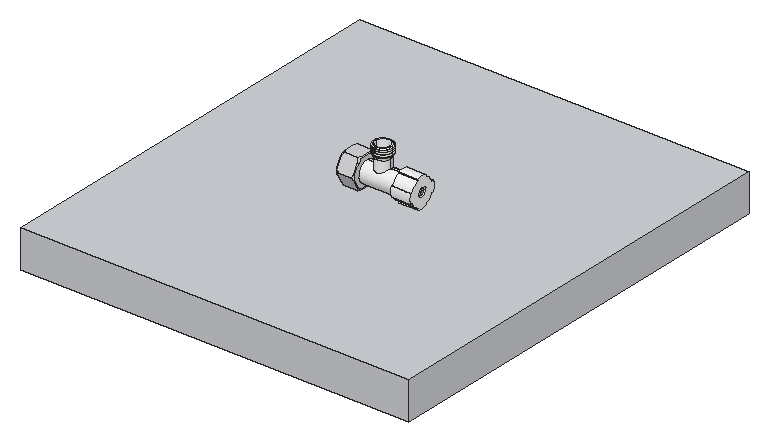
Revit family "01-1993-11 LLAVE LAVADORA", category Aparatos sanitarios, Revit 2018
Family settings
  Anfitrión = Cara
  Cota de conector redondo = Diámetro de uso
  Tipo de pieza = Normal
  Número OmniClass = 23.31.11.00
  Corte con vacíos al cargar = No
  Compartido = No
  Punto de cálculo de habitación = No
Parameters (values of type "01-1993-11")
  Waste Water Outlet = ""
  Rosca NPS 3/4" = "3/4\""
  Rosca NPT 1/2" = "1/2\""
  Link Ficha Tecnica = "http://infotecnica.gricol.com/FT_01199315_01199311_01199301_01199309.pdf"
  Conexión de residuos = 1 = 0  # no
  Conexión de ventilación = 1 = 0  # no
  URL = "https://www.gricol.com/"
  Imagen de tipo = LLAVE LAVADORA.jpg
  Metal = Metal
  Product Name = "LLAVE LAVADORA"  # constant formula
  Plastico ABS + blanco = Plastico - ABS  +blanco
  Model = "01-1993-11\r"  # constant formula
  Fabricante = "Gricol"  # constant formula
  Conexión AC = 1 = 1  # yes
  Descripción = "Llave"  # constant formula
  Default Elevation = 0.0 mm
  Date Modified = ""
  Date Created = "05/28/2020"  # constant formula
  Copyright = "All rights reserved © Gricol - 2020."  # constant formula
  Metal  Laton cromado = Metal Laton Cromado
  CW Connection = 1 = 1  # yes
  Assembly Code = ""
  Ancho = 75.0 mm
  Alto = 46.0 mm
Reference planes
  plane 1 "Center (Front/Back)": y = 0
  plane 2: z = 0
  plane 3 "Center (Left/Right)": x = 0
  plane 4: x = -35
  plane 5: x = 40
  plane 6: z = 15
  plane 7: z = 46
Forms (mm)
  Extrusion 1, solid
    sketch origin (0, 0, 0) x (1, 0, 0) y (0, 1, 0)
      loop
        line (-191.098, 209.821) -> (-191.098, -225.356) -> (206.295, -225.356) -> (206.295, 209.821) -> (-191.098, 209.821)
    from 0 to -38.036
Text (mm)
  text "Rosca NPS 3/4\"" at (-17.694, 0, 61.171), in view "Front"
  text "Rosca NPT 1/2\"" at (-137.418, 0, 25.544), in view "Front"
Dimensions and locks
  "Ancho": plane 4 to plane 5
  plane 4 to plane 3 "Center (Left/Right)" = 35.0 mm
  plane 7 to plane 6 = 31.0 mm
  "Alto": plane 7 to level
  aligned and locked: plane 2 to Extrusion 1
  aligned and locked: level to Extrusion 1
Automatic sketch dimensions
  Extrusion 1 sketch curve to Extrusion 1 sketch curve = 397.393 mm
  Extrusion 1 sketch curve to Extrusion 1 sketch curve = 435.178 mm
Nested families
  nested 1: "LLAVE LAVADORA" at (0, 0, 0), type "LLAVE LAVADORA"
Definition of nested family "LLAVE LAVADORA"
  Parameters (values of type "LLAVE LAVADORA")
    Weight Net (Kg) = "6.60Kg"
    Waste Connection = no
    Vent Connection = no
    Type Comments = ""
    Nominal width = "370"
    Nominal height = "130"
    Model = ""
    Manufacturer = ""
    Keynote = ""
    HW Connection = no
    Cost = 0
    CW Connection = no
  Reference planes
    plane 1 "Center (Front/Back)": y = 0
    plane 2: z = 0
    plane 3 "Center (Left/Right)": x = 0
    plane 4 "11": x = -35
    plane 5: z = 46
    plane 6: z = 23
    plane 7: x = 9.525
    plane 8: x = -9.525
    plane 9: z = 15
    plane 10 "18": x = 40
  Forms (mm)
    Revolve 1, solid
      sketch origin (0.449, -0.057, -22.371) x (1, 0, 0) y (0, 0, 1)
        loop
          line (-9.105, 60.46) -> (-9.974, 60.46) -> (-9.192, 59.678) -> (-7.841, 59.678) -> (-7.841, 68.371) -> (-9.105, 68.371) -> (-9.974, 67.728) -> (-9.105, 67.728) -> (-9.105, 66.941) -> (-9.974, 66.941) -> (-9.974, 65.854) -> (-9.105, 65.854) -> (-9.105, 64.911) -> (-9.974, 64.911) -> (-9.974, 63.746) -> (-9.105, 63.746) -> (-9.105, 62.568) -> (-9.974, 62.568) -> (-9.974, 61.404) -> (-9.105, 61.404) -> (-9.105, 60.46)
        axis (-0.449, 68.371) -> (-0.449, 59.678)
      angle from 0 to 360
    Revolve 2, solid
      sketch origin (-124.259, -0.057, -60.619) x (0, 0, 1) y (-1, 0, 0)
        loop
          line (64.994, -107.534) -> (64.994, -144.334) -> (66.234, -144.334) -> (66.234, -107.534) -> (64.994, -107.534)
        axis (75.619, -107.534) -> (75.619, -144.334)
      angle from 0 to 360
    Revolve 3, solid
      sketch origin (0, 0, 0) x (1, 0, 0) y (0, 0, 1)
        loop
          line (-5.759, 37.307) -> (-8.744, 37.307) -> (-7.6, 34.445) -> (-7.6, 22.145) -> (-5.759, 22.145) -> (-5.759, 37.307)
        axis (0, 22.145) -> (0, 37.307)
      angle from 0 to 360
    Extrusion 4, solid
      sketch origin (0, -55, 0) x (0, 1, 0) y (0, 0, 1)
        loop
          arc (60.276, 29.048) -> (55, 30.006) -> (49.724, 29.048) r 15.006
          line (49.724, 29.048) -> (50.782, 27.536)
          arc (50.782, 27.536) -> (45.648, 24.352) -> (42.464, 19.218) r 13.226
          line (42.464, 19.218) -> (40.952, 20.276)
          arc (40.952, 20.276) -> (39.994, 15) -> (40.952, 9.724) r 15.006
          line (40.952, 9.724) -> (42.464, 10.782)
          arc (42.464, 10.782) -> (45.648, 5.648) -> (50.782, 2.464) r 13.226
          line (50.782, 2.464) -> (49.724, 0.952)
          arc (49.724, 0.952) -> (55, -0.006) -> (60.276, 0.952) r 15.006
          line (60.276, 0.952) -> (59.218, 2.464)
          arc (59.218, 2.464) -> (64.352, 5.648) -> (67.536, 10.782) r 13.226
          line (67.536, 10.782) -> (69.048, 9.724)
          arc (69.048, 9.724) -> (70.006, 15) -> (69.048, 20.276) r 15.006
          line (69.048, 20.276) -> (67.536, 19.218)
          arc (67.536, 19.218) -> (64.352, 24.352) -> (59.218, 27.536) r 13.226
          line (59.218, 27.536) -> (60.276, 29.048)
        loop
          circle (55, 15) r 5
      from 20.075 to 40
    Revolve 5, solid
      sketch origin (0.156, 0, 0) x (1, 0, 0) y (0, 0, 1)
        loop
          line (39.063, 15) -> (39.063, 16.688)
          arc (39.063, 16.688) -> (38.727, 17.498) -> (37.917, 17.834) r 1.146
          line (37.917, 17.834) -> (36.666, 17.834) -> (36.666, 19.218) -> (19.919, 19.218) -> (19.919, 15) -> (39.063, 15)
        axis (19.919, 15) -> (39.063, 15)
      angle from 0 to 360
    Extrusion 6, solid
      sketch origin (0, -102.723, 0) x (0, 1, 0) y (0, 0, 1)
        loop
          circle (102.723, 15) r 6.964
        loop
          line (111.383, 0) -> (120.043, 15) -> (111.383, 30) -> (94.062, 30) -> (85.402, 15) -> (94.062, 0) -> (111.383, 0)
      from -35 to -16.725
    Sweep 7, void
      path origin (0, 0, 0) x (0, 1, 0) y (0, 0, 1)
        loop
          line (5.196, 30) -> (-5.196, 30)
          arc (-5.196, 30) -> (-8.196, 29.196) -> (-10.392, 27) r 6
          line (-10.392, 27) -> (-15.588, 18)
          arc (-15.588, 18) -> (-16.392, 15) -> (-15.588, 12) r 6
          line (-15.588, 12) -> (-10.392, 3)
          arc (-10.392, 3) -> (-8.196, 0.804) -> (-5.196, 0) r 6
          line (-5.196, 0) -> (5.196, 0)
          arc (5.196, 0) -> (8.196, 0.804) -> (10.392, 3) r 6
          line (10.392, 3) -> (15.588, 12)
          arc (15.588, 12) -> (16.392, 15) -> (15.588, 18) r 6
          line (15.588, 18) -> (10.392, 27)
          arc (10.392, 27) -> (8.196, 29.196) -> (5.196, 30) r 6
      profile origin (0, 0, 30) x (0, 0, -1) y (1, 0, 0)
        loop
          line (-1.687, -36.452) -> (1.631, -36.452) -> (1.631, -35.391)
          arc (1.631, -35.391) -> (0.232, -34.434) -> (-0.724, -33.036) r 4.593
          line (-0.724, -33.036) -> (-1.687, -33.036) -> (-1.687, -36.452)
    Sweep 8, void
      path origin (-51.725, 0, 0) x (0, 1, 0) y (0, 0, -1)
        loop
          arc (5.196, -30) -> (8.196, -29.196) -> (10.392, -27) r 6
          line (10.392, -27) -> (15.588, -18)
          arc (15.588, -18) -> (16.392, -15) -> (15.588, -12) r 6
          line (15.588, -12) -> (10.392, -3)
          arc (10.392, -3) -> (8.196, -0.804) -> (5.196, 0) r 6
          line (5.196, 0) -> (-5.196, 0)
          arc (-5.196, 0) -> (-8.196, -0.804) -> (-10.392, -3) r 6
          line (-10.392, -3) -> (-15.588, -12)
          arc (-15.588, -12) -> (-16.392, -15) -> (-15.588, -18) r 6
          line (-15.588, -18) -> (-10.392, -27)
          arc (-10.392, -27) -> (-8.196, -29.196) -> (-5.196, -30) r 6
          line (-5.196, -30) -> (5.196, -30)
      profile origin (-51.725, 0, 30) x (0, 0, 1) y (-1, 0, 0)
        loop
          line (1.687, -36.452) -> (1.687, -33.036) -> (0.724, -33.036)
          arc (0.724, -33.036) -> (-0.232, -34.434) -> (-1.631, -35.391) r 4.593
          line (-1.631, -35.391) -> (-1.631, -36.452) -> (1.687, -36.452)
    Revolve 9, solid
      sketch origin (0, 0, 0) x (1, 0, 0) y (0, 0, 1)
        loop
          line (-34.184, 6.84) -> (-17.554, 6.84) -> (-17.554, 8.598) -> (-18.663, 8.598) -> (-18.663, 7.685) -> (-19.785, 7.685) -> (-19.785, 8.598) -> (-20.66, 8.598) -> (-20.66, 7.685) -> (-22.016, 7.685) -> (-22.016, 8.598) -> (-22.891, 8.598) -> (-22.891, 7.685) -> (-24.169, 7.685) -> (-24.169, 8.598) -> (-25.044, 8.598) -> (-25.044, 7.685) -> (-26.166, 7.685) -> (-26.166, 8.598) -> (-27.04, 8.598) -> (-27.04, 7.685) -> (-28.24, 7.685) -> (-28.24, 8.598) -> (-29.115, 8.598) -> (-29.115, 7.685) -> (-30.237, 7.685) -> (-30.237, 8.598) -> (-31.112, 8.598) -> (-31.112, 7.685) -> (-32.234, 7.685) -> (-32.234, 8.598) -> (-33.109, 8.598) -> (-33.109, 7.685) -> (-34.184, 7.685) -> (-34.184, 6.84)
        axis (-17.554, 15) -> (-34.184, 15)
      angle from 0 to 360
  Cuts and joins
    joined: Revolve 2, Revolve 3
    Sweep 7, Sweep 8 cuts Extrusion 6
  Dimensions and locks
    plane 3 "Center (Left/Right)" to plane 4 "11" = 35.0 mm  (x3)
    level to plane 5 = 46.0 mm
    equal spacing: plane 5, plane 6, level
    plane 5 to level = 46.0 mm
    Revolve 1 sketch curve to Revolve 1 sketch curve = 2.132 mm
    locked: plane 7 to plane 8 at 19.05
    plane 3 "Center (Left/Right)" to plane 8 = 9.525 mm
    plane 5 to plane 9 = 31.0 mm
    locked: plane 10 "18" to plane 4 "11" at 75
    aligned and locked: level to plane 2
  Automatic sketch dimensions
    Revolve 1 sketch curve to plane 8 = 0.0 mm  (x5)
    Revolve 1 sketch curve to plane 5 = 0.0 mm
    Revolve 1 sketch curve to plane 3 "Center (Left/Right)" = 0.0 mm
    plane 8 to Revolve 1 sketch curve = 0.781 mm
    plane 8 to Revolve 1 sketch curve = 0.869 mm  (x3)
    Revolve 1 sketch curve to Revolve 1 sketch curve = 0.0 mm
    Revolve 1 sketch curve to Revolve 1 sketch curve = 0.088 mm
    Revolve 1 sketch curve to Revolve 1 sketch curve = 0.643 mm
    Revolve 1 sketch curve to Revolve 1 sketch curve = 0.788 mm
    Revolve 1 sketch curve to Revolve 1 sketch curve = 1.086 mm
    Revolve 1 sketch curve to Revolve 1 sketch curve = 0.944 mm  (x2)
    Revolve 1 sketch curve to Revolve 1 sketch curve = 1.165 mm  (x2)
    Revolve 1 sketch curve to Revolve 1 sketch curve = 1.178 mm
    Revolve 1 sketch curve to Revolve 1 sketch curve = 0.781 mm
    Revolve 1 sketch curve to plane 5 = 6.82 mm
    plane 6 to Revolve 1 sketch curve = 3.608 mm
    Extrusion 4 sketch curve to Extrusion 4 sketch curve = 0.0 mm  (x74)
    Extrusion 4 sketch curve to plane 1 "Center (Front/Back)" = 0.0 mm
    Extrusion 4 sketch curve to plane 9 = 0.0 mm
    plane 1 "Center (Front/Back)" to Extrusion 4 sketch curve = 4.218 mm  (x2)
    level to Extrusion 4 sketch curve = 0.952 mm  (x2)
    Extrusion 4 sketch curve to Extrusion 4 sketch curve = 1.059 mm  (x3)
    Extrusion 4 sketch curve to plane 6 = 3.782 mm  (x2)
    Extrusion 4 sketch curve to Extrusion 4 sketch curve = 8.318 mm  (x2)
    Extrusion 4 sketch curve to plane 9 = 4.218 mm  (x2)
    Extrusion 4 sketch curve to plane 9 = 5.276 mm  (x2)
    Extrusion 4 sketch curve to Extrusion 4 sketch curve = 1.512 mm  (x3)
    Extrusion 4 sketch curve to plane 6 = 2.724 mm  (x2)
    Extrusion 4 sketch curve to plane 1 "Center (Front/Back)" = 4.218 mm  (x2)
    Revolve 5 sketch curve to plane 9 = 0.0 mm  (x2)
    Revolve 5 sketch curve to plane 10 "18" = 19.925 mm
    Revolve 5 sketch curve to Revolve 5 sketch curve = 16.747 mm
    Revolve 5 sketch curve to Revolve 5 sketch curve = 1.251 mm
    Revolve 5 sketch curve to plane 10 "18" = 0.781 mm
    Revolve 5 sketch curve to Revolve 5 sketch curve = 1.688 mm
    Revolve 5 sketch curve to Revolve 5 sketch curve = 1.384 mm
    Revolve 5 sketch curve to Revolve 5 sketch curve = 0.767 mm
    plane 10 "18" to Revolve 5 sketch curve = 0.513 mm
    Sweep 7 sketch curve to plane 9 = 0.0 mm  (x2)
    Sweep 7 sketch curve to level = 0.0 mm
    plane 9 to Sweep 7 sketch curve = 3.0 mm  (x2)
    plane 1 "Center (Front/Back)" to Sweep 7 sketch curve = 15.588 mm
    Sweep 7 sketch curve to plane 9 = 3.0 mm  (x2)
    plane 6 to Sweep 7 sketch curve = 4.0 mm  (x2)
    Sweep 7 sketch curve to Sweep 7 sketch curve = 5.196 mm  (x7)
    level to Sweep 7 sketch curve = 3.0 mm  (x2)
    plane 6 to Sweep 7 sketch curve = 1.0 mm
    plane 1 "Center (Front/Back)" to Sweep 7 sketch curve = 5.196 mm  (x2)
    Sweep 7 sketch curve to plane 1 "Center (Front/Back)" = 5.196 mm  (x2)
    profile plane to Sweep 7 sketch curve = 1.687 mm
    profile plane to Sweep 7 sketch curve = 0.724 mm
    Sweep 7 sketch curve to profile plane = 1.631 mm
    Sweep 7 sketch curve to profile plane = 3.48 mm
    Sweep 7 sketch curve to plane 3 "Center (Left/Right)" = 36.452 mm
    Sweep 7 sketch curve to Sweep 7 sketch curve = 1.061 mm
    Sweep 7 sketch curve to Sweep 7 sketch curve = 3.416 mm
    Sweep 8 sketch curve to plane 9 = 0.0 mm  (x2)
    Sweep 8 sketch curve to level = 0.0 mm
    plane 9 to Sweep 8 sketch curve = 3.0 mm  (x2)
    plane 1 "Center (Front/Back)" to Sweep 8 sketch curve = 15.588 mm
    Sweep 8 sketch curve to plane 9 = 3.0 mm  (x2)
    plane 6 to Sweep 8 sketch curve = 4.0 mm  (x2)
    Sweep 8 sketch curve to Sweep 8 sketch curve = 5.196 mm  (x7)
    level to Sweep 8 sketch curve = 3.0 mm  (x2)
    plane 6 to Sweep 8 sketch curve = 1.0 mm
    plane 1 "Center (Front/Back)" to Sweep 8 sketch curve = 5.196 mm  (x2)
    Sweep 8 sketch curve to plane 1 "Center (Front/Back)" = 5.196 mm  (x2)
    profile plane to Sweep 8 sketch curve = 3.48 mm
    profile plane to Sweep 8 sketch curve = 1.631 mm
    Sweep 8 sketch curve to profile plane = 0.724 mm
    Sweep 8 sketch curve to Sweep 8 sketch curve = 0.963 mm
    Sweep 8 sketch curve to profile plane = 36.452 mm
    Sweep 8 sketch curve to Sweep 8 sketch curve = 1.061 mm
    Sweep 8 sketch curve to Sweep 8 sketch curve = 3.416 mm
    Revolve 3 sketch curve to plane 3 "Center (Left/Right)" = 0.0 mm
    Revolve 3 sketch curve to plane 6 = 0.855 mm
    plane 8 to Revolve 3 sketch curve = 3.766 mm
    plane 8 to Revolve 3 sketch curve = 1.925 mm
    plane 8 to Revolve 3 sketch curve = 0.781 mm
    plane 6 to Revolve 3 sketch curve = 11.445 mm
    Revolve 3 sketch curve to Revolve 3 sketch curve = 2.863 mm
    Revolve 3 sketch curve to Revolve 3 sketch curve = 5.0 mm
    Revolve 3 sketch curve to plane 5 = 3.46 mm
    Revolve 2 sketch curve to plane 9 = 0.0 mm
    level to Revolve 2 sketch curve = 5.615 mm
    Revolve 2 sketch curve to Revolve 2 sketch curve = 1.24 mm
    plane 7 to Revolve 2 sketch curve = 10.55 mm
    Revolve 2 sketch curve to plane 8 = 7.2 mm  (x2)
    Revolve 2 sketch curve to plane 10 "18" = 8.857 mm
    Revolve 9 sketch curve to plane 9 = 0.0 mm
    plane 4 "11" to Revolve 9 sketch curve = 0.816 mm
    Revolve 9 sketch curve to Revolve 9 sketch curve = 1.075 mm
    Revolve 9 sketch curve to Revolve 9 sketch curve = 0.875 mm  (x7)
    Revolve 9 sketch curve to Revolve 9 sketch curve = 1.122 mm  (x4)
    Revolve 9 sketch curve to Revolve 9 sketch curve = 1.2 mm
    Revolve 9 sketch curve to Revolve 9 sketch curve = 1.278 mm
    Revolve 9 sketch curve to Revolve 9 sketch curve = 1.356 mm
    Revolve 9 sketch curve to Revolve 9 sketch curve = 1.109 mm
    Revolve 9 sketch curve to plane 9 = 6.402 mm  (x2)
    Revolve 9 sketch curve to Revolve 9 sketch curve = 0.0 mm  (x12)
    Revolve 9 sketch curve to Revolve 9 sketch curve = 0.913 mm  (x2)
    Revolve 9 sketch curve to Revolve 9 sketch curve = 0.844 mm
    Revolve 9 sketch curve to plane 4 "11" = 0.706 mm
    plane 4 "11" to Revolve 9 sketch curve = 5.885 mm
    Extrusion 6 sketch curve to plane 9 = 0.0 mm  (x3)
    Extrusion 6 sketch curve to level = 0.0 mm
    Extrusion 6 sketch curve to plane 1 "Center (Front/Back)" = 0.0 mm
    plane 1 "Center (Front/Back)" to Extrusion 6 sketch curve = 8.66 mm  (x2)
    Extrusion 6 sketch curve to Extrusion 6 sketch curve = 8.66 mm  (x2)
    Extrusion 6 sketch curve to plane 1 "Center (Front/Back)" = 8.66 mm  (x2)
    plane 6 to Extrusion 6 sketch curve = 7.0 mm
    radius of Extrusion 4 sketch curve = 5.0 mm
    radius of Extrusion 6 sketch curve = 6.964 mm
